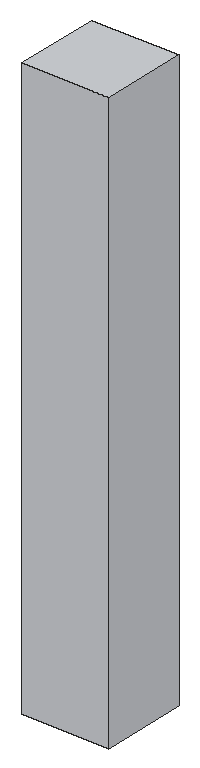
Revit family
Parameters (values of type "600 x 600mm")
  Keynote = "G"
  Depth = 600 mm
  Material = none
  Offset Base = 0 mm
  Offset Top = 0 mm
  Width = 600 mm
Types (3, lengths in mm): name | Depth | Width
  450 x 600mm | 450 | 600
  600 x 600mm | 600 | 600
  450 x 450mm | 450 | 450
Reference planes
  plane 1: y = 0
  plane 2: z = 0
  plane 3: x = 0
  plane 4: z = 4000
  plane 5: z = 0
  plane 6: x = -300
  plane 7: x = 300
  plane 8: y = -300
  plane 9: y = 300
Forms (mm)
  Extrusion 1, solid, material <- "Material"
    sketch origin (0, 0, 0) x (1, 0, 0) y (0, 1, 0)
      loop
        line (-300, 300) -> (-300, -300) -> (300, -300) -> (300, 300) -> (-300, 300)
    from 0 to 4000
Dimensions and locks
  "Offset Base": plane 5 to level
  "Offset Top": level to plane 4
  equal spacing: plane 6, plane 3, plane 7
  "Width": plane 6 to plane 7
  equal spacing: plane 8, plane 1, plane 9
  "Depth": plane 8 to plane 9
  aligned and locked: plane 4 to Extrusion 1
  aligned and locked: Extrusion 1 to plane 5
Automatic sketch dimensions
  Extrusion 1 sketch curve to plane 6 = 0 mm
  Extrusion 1 sketch curve to plane 7 = 0 mm
  Extrusion 1 sketch curve to plane 8 = 0 mm
  Extrusion 1 sketch curve to plane 9 = 0 mm
